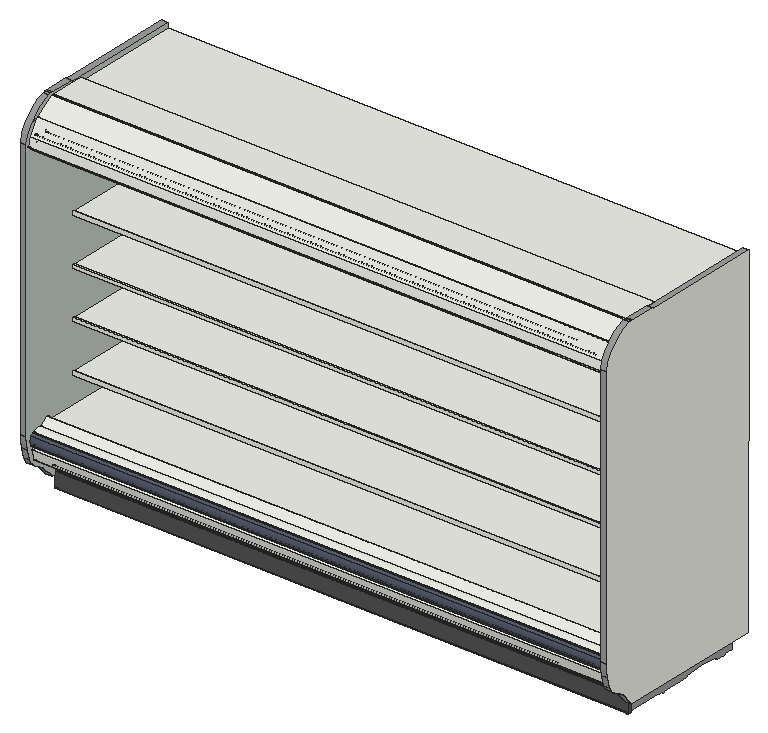
Revit family "ID6SV_2014", category Specialty Equipment, Revit 2014
Parameters (values of type "12'-0" Length")
  Width = 144 3/8"
  Waste Outlet Location = if(Width = 48 1/8", 24", if(Width = 72 1/4", 24", if(Width = 96 1/4", 24", if(Width = 144 3/8", 72", 0"))))  # 72"
  Waste Drain = 1 1/4"  # constant formula
  URL = "www.hussmann.com"
  Type Comments = ""
  Trim = Stainless Steel
  Total Weight = Case Weight + (2 * End Weight)  # 1900.00 lbf
  Top Clearance = 1 1/2"  # constant formula
  Supports = Width = 144 3/8"  # yes
  Splashguard = Textured Sheet Metal (Steel Painted) - 701 Black
  Side Panel - Right [instance] = yes
  Side Panel - Left [instance] = yes
  Shelves = Sheet Metal (Steel Painted) - 700 Interior White
  Shelf Lights [instance] = yes
  Shelf = yes
  Revit Family Date = "03/30/2016"  # constant formula
  Refrigeration Lines Suction = 7/8"  # constant formula
  Refrigeration Lines Liquid = 3/8"  # constant formula
  Refrig. Suction = "Suction"
  Refrig. Liquid = "Liquid"
  Number of Shelves = 5  # constant formula
  Note from Manufacturer = "This model only comes in 4'-0\", 6'-0\", 8'-0\", and 12'-0\" lengths."
  Model = "ID6SV"  # constant formula
  Manufacturer Disclaimer = "The information in this file is not intended to be an exact representation of the corresponding Hussmann product.  Further, we reserve the right to change or revise specifications and product design in connection with any feature of our products. Such changes do not entitle the buyer to corresponding changes, improvements, additions, or replacements for equipment previously sold or shipped."  # constant formula
  Manufacturer = "Hussmann Corporation"  # constant formula
  Height = 90 1/4"  # constant formula
  Ends = Textured Sheet Metal (Steel Painted) - 149 White Satin Matte
  End Weight = 100.00 lbf  # constant formula
  Description = ""
  Depth = 43 1/2"  # constant formula
  Clearance [instance] = no
  Center Support 1 = Width = 96 1/4"  # no
  Center Support 2 = Width = 72 1/4"  # no
  Case Weight = if(Width = 48 1/8", 900.00 lbf, if(Width = 72 1/4", 1100.00 lbf, if(Width = 96 1/4", 1300.00 lbf, if(Width = 144 3/8", 1700.00 lbf, 0.00 lbf))))  # 1700.00 lbf
  Case Interior - Side Panel = Mirror
  Case Interior - Back Panel = Sheet Metal (Steel Painted) - 700 Interior White
  Case = Textured Sheet Metal (Steel Painted) - 149 White Satin Matte
  Bumper = Extruded PVC - 739 Royal Blue
  Back Clearance = 1 1/2"  # constant formula
  Assembly Code = ""
  Accessories/Options = ""
Reference planes (in)
  plane 1 "Back": y = 0
  plane 2 "Bottom": z = 0
  plane 3 "Top": z = 90.25
  plane 4 "Left": x = -77.30699
  plane 5 "Front": y = -43.5
  plane 6 "Center (Left/Right)": x = -5.11949
  plane 7: y = 1.5
  plane 8: x = -78.80699
  plane 9 "Right": x = 67.06801
  plane 10: x = 68.56801
  plane 11: z = 24
  plane 12: z = 72
  plane 13: z = 91.75
Forms (in)
  Extrusion 1, solid, material "Metal - Copper"
    sketch origin (63.0625, 1.04319, 0) x (1, 0, 0) y (0, 1, 0)
      loop
        arc (-67.99449, -33.91819) -> (-68.43643, -34.10125) -> (-68.61949, -34.54319) r 0.625
        arc (-68.61949, -34.54319) -> (-68.43643, -34.98513) -> (-67.99449, -35.16819) r 0.625
        arc (-67.99449, -35.16819) -> (-67.55254, -34.98513) -> (-67.36949, -34.54319) r 0.625
        arc (-67.36949, -34.54319) -> (-67.55254, -34.10125) -> (-67.99449, -33.91819) r 0.625
      loop
        circle (-67.99449, -34.54319) r 0.5852
    from 5.80305 to 0
  Extrusion 2, solid, material "Metal - Copper"
    sketch origin (57.40105, 5, -0.375) x (1, 0, 0) y (0, 1, 0)
      loop
        circle (0.3627, -33.75) r 0.41359
      loop
        circle (0.3627, -33.75) r 0.4375
    from 6.32138 to 0.375
  Extrusion 3, solid, material "Metal - Copper"
    sketch origin (59.82608, 5, -0.375) x (1, 0, 0) y (0, 1, 0)
      loop
        circle (-1.43733, -33.75) r 0.17188
      loop
        circle (-1.43733, -33.75) r 0.1875
    from 6.32138 to 0.375
  Extrusion 4, solid, material "Sheet Metal (Steel Painted) - 700 Interior White" <- "Case Interior - Back Panel"
    sketch origin (-5.11949, -0.20443, 0) x (0, 1, 0) y (0, 0, 1)
      loop
        line (-31.71191, 83.04048) -> (-7.67037, 82.83067) -> (-7.67037, 15.76656)
        arc (-7.67037, 15.76656) -> (-7.59933, 15.69552) -> (-7.52828, 15.76656) r 0.07104
        line (-7.52828, 15.76656) -> (-7.52828, 17.11686) -> (-6.3108, 17.11686) -> (-6.3108, 83.18698) -> (-31.7087, 83.4086) -> (-31.71191, 83.04048)
    from 72.1875 to -72.1875
  Extrusion 5, solid, material "Textured Sheet Metal (Steel Painted) - 701 Black" <- "Splashguard"
    sketch origin (-5.11949, 0.08013, -0.40175) x (0, 1, 0) y (0, 0, 1)
      loop
        line (-35.47621, 4.45313) -> (-35.47621, 0.45082)
        arc (-35.47621, 0.45082) -> (-35.45124, 0.40758) -> (-35.40131, 0.40758) r 0.04993
        line (-35.40131, 0.40758) -> (-35.32642, 0.45082) -> (-35.12826, 0.45082)
        arc (-35.12826, 0.45082) -> (-35.04867, 0.40175) -> (-34.98788, 0.4728) r 0.07191
        line (-34.98788, 0.4728) -> (-34.98788, 4.73631)
        arc (-34.98788, 4.73631) -> (-35.01518, 4.78081) -> (-35.06722, 4.77665) r 0.04993
        line (-35.06722, 4.77665) -> (-35.45569, 4.49347)
        arc (-35.45569, 4.49347) -> (-35.47078, 4.47576) -> (-35.47621, 4.45313) r 0.04993
    from 72.1875 to -72.1875
  Extrusion 6, solid, material "Sheet Metal (Steel Painted) - 700 Interior White" <- "Case Interior - Back Panel"
    sketch origin (-5.11949, 0, -4.01455) x (0, 1, 0) y (0, 0, 1)
      loop
        line (-39.60569, 84.97396) -> (-39.60569, 86.19052) -> (-39.31902, 86.19052) -> (-39.31902, 86.11161) -> (-39.20516, 86.11161) -> (-39.20516, 85.8649) -> (-38.88653, 85.8649) -> (-38.88653, 86.11161) -> (-38.77266, 86.11161) -> (-38.77266, 86.19052) -> (-38.39695, 86.19052) -> (-38.39695, 85.72799) -> (-38.28465, 85.63885)
        arc (-38.28465, 85.63885) -> (-38.13409, 85.54906) -> (-37.9616, 85.5178) r 0.49162
        line (-37.9616, 85.5178) -> (-37.31298, 85.5178)
        arc (-37.31298, 85.5178) -> (-37.27966, 85.53161) -> (-37.26585, 85.56494) r 0.04713
        line (-37.26585, 85.56494) -> (-37.26585, 85.86566) -> (-32.0168, 85.86566) -> (-31.99085, 85.92864)
        arc (-31.99085, 85.92864) -> (-31.96123, 85.93781) -> (-31.94832, 85.96601) r 0.03798
        line (-31.94832, 85.96601) -> (-31.93883, 87.05291) -> (-31.93564, 87.41898) -> (-30.2128, 87.40395) -> (-30.2128, 89.11436) -> (-31.44825, 89.12525) -> (-31.44825, 90.6134) -> (-35.12709, 90.6134) -> (-35.12709, 89.78502)
        arc (-35.12709, 89.78502) -> (-35.1374, 89.73855) -> (-35.16637, 89.70078) r 0.10997
        line (-35.16637, 89.70078) -> (-35.82579, 89.14747) -> (-36.90776, 88.23958) -> (-38.12024, 87.22219)
        arc (-38.12024, 87.22219) -> (-38.13924, 87.20596) -> (-38.14633, 87.182) r 0.044
        line (-38.14633, 87.182) -> (-38.14633, 86.2195) -> (-41.7425, 86.2195)
        arc (-41.7425, 86.2195) -> (-41.77361, 86.20662) -> (-41.7865, 86.1755) r 0.044
        line (-41.7865, 86.1755) -> (-41.7865, 84.97103)
        arc (-41.7865, 84.97103) -> (-41.75742, 84.94195) -> (-41.72833, 84.97103) r 0.02909
        line (-41.72833, 84.97103) -> (-41.72833, 86.19052) -> (-40.78931, 86.19052) -> (-40.78931, 84.97396) -> (-39.60569, 84.97396)
    from 72.1875 to -72.1875
  Extrusion 7, solid, material "Sheet Metal (Steel Painted) - 700 Interior White" <- "Shelves"
    sketch origin (-5.11949, 0, 0.04749) x (0, 1, 0) y (0, 0, 1)
      loop
        arc (-38.07693, 16.4091) -> (-38.17164, 16.36987) -> (-38.21087, 16.27516) r 0.13394
        line (-38.21087, 16.27516) -> (-38.21087, 15.90128)
        arc (-38.21087, 15.90128) -> (-38.20601, 15.86552) -> (-38.19178, 15.83236) r 0.13394
        arc (-38.19178, 15.83236) -> (-38.14292, 15.78472) -> (-38.07693, 15.76733) r 0.13394
        line (-38.07693, 15.76733) -> (-37.98791, 15.76733) -> (-8.23002, 15.76733) -> (-8.14099, 15.76733)
        arc (-8.14099, 15.76733) -> (-8.075, 15.78472) -> (-8.02614, 15.83236) r 0.13394
        arc (-8.02614, 15.83236) -> (-8.01191, 15.86552) -> (-8.00705, 15.90128) r 0.13394
        line (-8.00705, 15.90128) -> (-8.00705, 16.27516)
        arc (-8.00705, 16.27516) -> (-8.04628, 16.36987) -> (-8.14099, 16.4091) r 0.13394
        line (-8.14099, 16.4091) -> (-38.07693, 16.4091)
    from -72.1875 to 72.1875
  Extrusion 8, solid, material "Textured Sheet Metal (Steel Painted) - 149 White Satin Matte" <- "Case"
    sketch origin (-5.11949, 0, 0) x (0, 1, 0) y (0, 0, 1)
      loop
        line (-43.34072, 82.59106) -> (-43.77645, 80.6272)
        arc (-43.77645, 80.6272) -> (-43.77544, 80.56891) -> (-43.74807, 80.51743) r 0.12485
        line (-43.74807, 80.51743) -> (-43.37142, 80.09174)
        arc (-43.37142, 80.09174) -> (-43.32919, 80.06064) -> (-43.27792, 80.04962) r 0.12485
        line (-43.27792, 80.04962) -> (-42.87619, 80.04962)
        arc (-42.87619, 80.04962) -> (-42.83083, 80.05815) -> (-42.79168, 80.08257) r 0.12485
        line (-42.79168, 80.08257) -> (-42.65526, 80.20801)
        arc (-42.65526, 80.20801) -> (-42.51084, 80.41239) -> (-42.46268, 80.65798) r 0.5981
        arc (-42.46268, 80.65798) -> (-42.50018, 80.82616) -> (-42.54498, 80.99255) r 3.95176
        arc (-42.54498, 80.99255) -> (-42.5552, 81.03543) -> (-42.53743, 81.07576) r 0.06909
        line (-42.53743, 81.07576) -> (-42.45677, 81.16414)
        arc (-42.45677, 81.16414) -> (-42.38528, 81.26645) -> (-42.34246, 81.38369) r 0.48189
        line (-42.34246, 81.38369) -> (-42.23415, 81.88557) -> (-42.1586, 82.15714)
        arc (-42.1586, 82.15714) -> (-42.12306, 82.24718) -> (-42.11091, 82.34322) r 0.38815
        line (-42.11091, 82.34322) -> (-42.11091, 82.62356)
        arc (-42.11091, 82.62356) -> (-42.0927, 82.66744) -> (-42.04881, 82.6856) r 0.0621
        line (-42.04881, 82.6856) -> (-41.79874, 82.6856)
        spline (-41.79874, 82.6856) -> (-41.79058, 82.68507) -> (-41.78256, 82.68348) -> (-41.77482, 82.68085) -> (-41.76749, 82.67723) -> (-41.76069, 82.67269) -> (-41.75455, 82.6673) -> (-41.74916, 82.66115) -> (-41.74461, 82.65436) -> (-41.741, 82.64702) -> (-41.73837, 82.63928) -> (-41.73678, 82.63126) -> (-41.73624, 82.62311)
        line (-41.73624, 82.62311) -> (-41.73624, 82.37397)
        spline (-41.73624, 82.37397) -> (-41.73571, 82.36582) -> (-41.73411, 82.3578) -> (-41.73149, 82.35007) -> (-41.72787, 82.34274) -> (-41.72333, 82.33594) -> (-41.71795, 82.3298) -> (-41.7118, 82.32441) -> (-41.70501, 82.31987) -> (-41.69768, 82.31626) -> (-41.68994, 82.31363) -> (-41.68193, 82.31204) -> (-41.67377, 82.31151)
        line (-41.67377, 82.31151) -> (-41.23683, 82.31151) -> (-41.23683, 82.68558) -> (-39.69526, 82.68558) -> (-39.0976, 82.68558)
        arc (-39.0976, 82.68558) -> (-39.00931, 82.64901) -> (-38.97274, 82.56073) r 0.12485
        line (-38.97274, 82.56073) -> (-38.97274, 82.34422)
        arc (-38.97274, 82.34422) -> (-38.9354, 82.2567) -> (-38.84789, 82.22045) r 0.12376
        line (-38.84789, 82.22045) -> (-38.28587, 82.21936)
        arc (-38.28587, 82.21936) -> (-38.19751, 82.25596) -> (-38.16091, 82.34432) r 0.12496
        line (-38.16091, 82.34432) -> (-38.16091, 83.11961)
        arc (-38.16091, 83.11961) -> (-38.14921, 83.17242) -> (-38.11628, 83.21533) r 0.12496
        line (-38.11628, 83.21533) -> (-35.83033, 85.13347) -> (-35.12709, 85.72356) -> (-35.12709, 86.60322) -> (-31.44825, 86.60322) -> (-31.44825, 85.11507) -> (-30.2128, 85.10417) -> (-30.2128, 83.39375) -> (-6.51523, 83.18698) -> (-6.51523, 16.99748) -> (-7.05757, 16.99748)
        arc (-7.05757, 16.99748) -> (-7.36201, 16.89407) -> (-7.54049, 16.62663) r 0.49985
        arc (-7.54049, 16.62663) -> (-7.59605, 16.21712) -> (-7.69059, 15.81482) r 4.30905
        line (-7.69059, 15.81482) -> (-37.98831, 15.81482) -> (-38.07733, 15.81482)
        arc (-38.07733, 15.81482) -> (-38.14333, 15.83221) -> (-38.19219, 15.87985) r 0.13394
        arc (-38.19219, 15.87985) -> (-38.20642, 15.91301) -> (-38.21128, 15.94877) r 0.13394
        line (-38.21128, 15.94877) -> (-38.21128, 16.32265)
        arc (-38.21128, 16.32265) -> (-38.17205, 16.41736) -> (-38.07733, 16.4566) r 0.13394
        line (-38.07733, 16.4566) -> (-37.73809, 16.4566) -> (-37.73809, 17.28464)
        arc (-37.73809, 17.28464) -> (-37.85437, 17.47966) -> (-38.08123, 17.47008) r 0.22168
        line (-38.08123, 17.47008) -> (-40.17327, 16.09989) -> (-40.17327, 16.18926)
        arc (-40.17327, 16.18926) -> (-40.18596, 16.22251) -> (-40.21757, 16.23887) r 0.04993
        arc (-40.21757, 16.23887) -> (-41.22725, 16.18749) -> (-42.16733, 15.81558) r 3.11611
        arc (-42.16733, 15.81558) -> (-42.20707, 15.78093) -> (-42.19798, 15.72899) r 0.05368
        line (-42.19798, 15.72899) -> (-41.97585, 15.29579) -> (-41.97738, 13.07167) -> (-42.37771, 12.61536)
        arc (-42.37771, 12.61536) -> (-42.33491, 12.61109) -> (-42.29697, 12.63135) r 0.07398
        line (-42.29697, 12.63135) -> (-42.21783, 12.71049)
        spline (-42.21783, 12.71049) -> (-42.20844, 12.71819) -> (-42.19773, 12.72392) -> (-42.1861, 12.72745) -> (-42.17401, 12.72864) -> (-42.16192, 12.72745) -> (-42.15029, 12.72392) -> (-42.13957, 12.71819) -> (-42.13018, 12.71048) -> (-42.12247, 12.70109) -> (-42.11675, 12.69037) -> (-42.11322, 12.67875) -> (-42.11203, 12.66665)
        line (-42.11203, 12.66665) -> (-42.11203, 12.06725)
        spline (-42.11203, 12.06725) -> (-42.11242, 12.06235) -> (-42.11358, 12.05757) -> (-42.11547, 12.05303) -> (-42.11806, 12.04886) -> (-42.12128, 12.04514) -> (-42.12505, 12.04198) -> (-42.12926, 12.03946) -> (-42.13382, 12.03763) -> (-42.13862, 12.03655) -> (-42.14352, 12.03624) -> (-42.14841, 12.03671) -> (-42.15316, 12.03794)
        line (-42.15316, 12.03794) -> (-42.15316, 12.42433)
        arc (-42.15316, 12.42433) -> (-42.18551, 12.47106) -> (-42.24065, 12.45726) r 0.04994
        line (-42.24065, 12.45726) -> (-42.71368, 11.91809)
        arc (-42.71368, 11.91809) -> (-42.72479, 11.89645) -> (-42.72437, 11.87212) r 0.04998
        line (-42.72437, 11.87212) -> (-42.05911, 9.40237)
        arc (-42.05911, 9.40237) -> (-42.02993, 9.34452) -> (-41.9802, 9.30298) r 0.15995
        line (-41.9802, 9.30298) -> (-36.14109, 6.1751) -> (-36.03057, 6.38142) -> (-34.95086, 5.80305) -> (-30.12012, 5.80305) -> (-29.92184, 5.94638) -> (-8.48958, 5.94638) -> (0, 10.45657) -> (0, 88.15903) -> (-27.35216, 88.15903) -> (-27.35216, 89.18015) -> (-35.96921, 89.18015) -> (-36.31711, 89.18015)
        arc (-36.31711, 89.18015) -> (-36.46127, 89.15891) -> (-36.59319, 89.09701) r 0.5
        line (-36.59319, 89.09701) -> (-40.99211, 86.18371)
        arc (-40.99211, 86.18371) -> (-41.08816, 86.16837) -> (-41.16067, 86.10352) r 0.17261
        line (-41.16067, 86.10352) -> (-43.34072, 82.59106)
    from -72.1875 to 72.1875
  Extrusion 9, solid, material "Textured Sheet Metal (Steel Painted) - 149 White Satin Matte" <- "Ends", visible <- "Side Panel - Right"
    sketch origin (67.06801, 0, 0) x (0, 0, 1) y (0, -1, 0)
      loop
        line (89.44978, 35.92401) -> (89.44978, 36.47299)
        arc (89.44978, 36.47299) -> (89.43365, 36.78734) -> (89.38543, 37.09838) r 3.071
        arc (89.38543, 37.09838) -> (86.33647, 41.80176) -> (81.3328, 44.32788) r 10.73758
        line (81.3328, 44.32788) -> (15.50023, 44.32788)
        arc (15.50023, 44.32788) -> (13.82433, 44.19402) -> (12.19094, 43.79583) r 10.55776
        line (12.19094, 43.79583) -> (9.72146, 43.14754)
        arc (9.72146, 43.14754) -> (8.62924, 42.59672) -> (7.84517, 41.65778) r 3.01946
        line (7.84517, 41.65778) -> (6.91917, 39.92914)
        arc (6.91917, 39.92914) -> (6.66223, 39.53451) -> (6.34199, 39.18926) r 2.76188
        line (6.34199, 39.18926) -> (3.10795, 36.25052) -> (3.23572, 36.10991) -> (3.1054, 35.99149) -> (3.1054, -0.25613) -> (89.25855, -0.25613) -> (89.25855, 29.88509) -> (89.44978, 29.88509) -> (89.44978, 35.92401)
    from 0 to 1.5
  Extrusion 10, solid, material "Textured Sheet Metal (Steel Painted) - 149 White Satin Matte" <- "Ends", visible <- "Side Panel - Left"
    sketch origin (-77.30699, 0, 0) x (0, 0, 1) y (0, 1, 0)
      loop
        line (89.44978, -35.92401) -> (89.44978, -29.88509) -> (89.25855, -29.88509) -> (89.25855, 0.25613) -> (3.1054, 0.25613) -> (3.1054, -35.99149) -> (3.23572, -36.10991) -> (3.10795, -36.25052) -> (6.34199, -39.18926)
        arc (6.34199, -39.18926) -> (6.66223, -39.53451) -> (6.91917, -39.92914) r 2.76188
        line (6.91917, -39.92914) -> (7.84517, -41.65778)
        arc (7.84517, -41.65778) -> (8.62924, -42.59672) -> (9.72146, -43.14754) r 3.01946
        line (9.72146, -43.14754) -> (12.19094, -43.79583)
        arc (12.19094, -43.79583) -> (13.82433, -44.19402) -> (15.50023, -44.32788) r 10.55776
        line (15.50023, -44.32788) -> (81.3328, -44.32788)
        arc (81.3328, -44.32788) -> (86.33647, -41.80176) -> (89.38543, -37.09838) r 10.73758
        arc (89.38543, -37.09838) -> (89.43365, -36.78734) -> (89.44978, -36.47299) r 3.071
        line (89.44978, -36.47299) -> (89.44978, -35.92401)
    from 0 to 1.5
  Extrusion 11, solid, material "Extruded PVC - 739 Royal Blue" <- "Bumper"
    sketch origin (-5.11949, -0.20443, 0) x (0, 1, 0) y (0, 0, 1)
      loop
        arc (-41.99462, 15.73109) -> (-42.23913, 15.70987) -> (-42.47293, 15.63521) r 1.10523
        arc (-42.47293, 15.63521) -> (-42.75805, 15.44126) -> (-42.95829, 15.16051) r 0.97939
        arc (-42.95829, 15.16051) -> (-43.18462, 14.15442) -> (-42.95829, 13.14832) r 2.34928
        arc (-42.95829, 13.14832) -> (-42.75767, 12.86712) -> (-42.47196, 12.67297) r 0.98023
        arc (-42.47196, 12.67297) -> (-42.35179, 12.62752) -> (-42.22715, 12.59632) r 1.10523
        arc (-42.22715, 12.59632) -> (-42.20716, 12.59515) -> (-42.18752, 12.59912) r 0.07798
        line (-42.18752, 12.59912) -> (-41.77294, 13.07167) -> (-41.77142, 15.29579) -> (-41.99462, 15.73109)
    from -72.1875 to 72.1875
  Extrusion 12, solid, material "Textured Sheet Metal (Steel Painted) - 149 White Satin Matte" <- "Case"
    sketch origin (-5.11949, -0.20443, 0) x (0, 1, 0) y (0, 0, 1)
      loop
        arc (-35.72986, 5.52568) -> (-35.72317, 5.50071) -> (-35.7049, 5.48244) r 0.04993
        line (-35.7049, 5.48244) -> (-34.70332, 4.90418) -> (-34.70332, 2.56345) -> (-34.66837, 2.56345) -> (-34.66837, 4.89553)
        arc (-34.66837, 4.89553) -> (-34.67506, 4.9205) -> (-34.69334, 4.93877) r 0.04993
        line (-34.69334, 4.93877) -> (-35.69491, 5.51703) -> (-35.69491, 6.1829) -> (-35.72986, 6.1829) -> (-35.72986, 5.52568)
    from -72.1875 to 72.1875
Lines and regions (in)
  reference lines
    curve 1: line (-4.93199, -43.5, 0) -> (-4.93199, 0, 0)
    curve 2: line (58.20125, -43.5, 0) -> (58.20125, 0, 0)
    curve 3: line (-77.30699, -33.5, 0) -> (67.06801, -33.5, 0)
    curve 4: line (67.06801, -28.75, 0) -> (-77.30699, -28.75, 0)
  symbolic lines, style "Clearance", visible <- "Clearance"
    curve 5: line (-77.30699, 0, 0) -> (-77.30699, 1.5, 0)
    curve 6: line (-77.30699, 1.5, 0) -> (67.06801, 1.5, 0)
    curve 7: line (67.06801, 1.5, 0) -> (67.06801, 0, 0)
    curve 8: line (-5.11949, 0, 90.25) -> (-5.11949, 0, 91.75)
    curve 9: line (-5.11949, 0, 91.75) -> (-5.11949, -43.77941, 91.75)
    curve 10: line (-5.11949, -43.77941, 91.75) -> (-5.11949, -43.77941, 80.61384)
    curve 11: line (-77.30699, 0, 91.75) -> (67.06801, 0, 91.75)
    curve 12: line (67.06801, 0, 91.75) -> (67.06801, 0, 90.33292)
    curve 13: line (-5.11949, 0, 90.25) -> (-5.11949, 1.5, 90.25)
    curve 14: line (-5.11949, 1.5, 90.25) -> (-5.11949, 1.5, 0)
    curve 15: line (-77.30699, 0, 91.75) -> (-77.30699, 0, 90.33292)
    curve 16: line (-5.11949, 0, 0) -> (-5.11949, 1.5, 0)
Dimensions and locks (in)
  equal spacing: plane 4 "Left", plane 6 "Center (Left/Right)", plane 9 "Right"
  locked: plane 8 to plane 4 "Left" at 1.5
  "Width": plane 4 "Left" to plane 9 "Right"
  "Waste Outlet Location": curve 1 to plane 9 "Right"
  "Depth": plane 5 "Front" to plane 1 "Back"
  "Back Clearance": plane 1 "Back" to plane 7
  locked: curve 2 to plane 9 "Right" at 8.86676
  "Height": plane 3 "Top" to level
  locked: plane 1 "Back" to curve 3 at 33.5
  locked: plane 1 "Back" to curve 4 at 28.75
  locked: plane 9 "Right" to plane 10 at 1.5
  locked: plane 11 to level at 24
  locked: plane 12 to level at 72
  "Top Clearance": plane 13 to plane 3 "Top"
  locked: Extrusion 1 sketch curve to Extrusion 1 sketch curve at 0.0398
  locked: Extrusion 3 sketch curve to Extrusion 3 sketch curve at 0.01562
  locked: Extrusion 2 sketch curve to Extrusion 2 sketch curve at 0.02391
  nested 2 to plane 6 "Center (Left/Right)" to nested 1 = 24" locked, 24" locked
  equal spacing: group 1, group 3, group 4, group 5, group 2  (x3)
  "Waste Drain": diameter of Extrusion 1 sketch curve
  "Refrigeration Lines Liquid": diameter of Extrusion 3 sketch curve
  "Refrigeration Lines Suction": diameter of Extrusion 2 sketch curve
  aligned and locked: plane 5 "Front" to curve 1
  aligned and locked: plane 4 "Left" to curve 3
  aligned and locked: plane 4 "Left" to curve 4
  aligned and locked: plane 9 "Right" to curve 4
  aligned and locked: plane 9 "Right" to curve 3
  aligned and locked: Extrusion 2 to level
  aligned and locked: Extrusion 3 to level
  aligned and locked: curve 4 to Extrusion 3 sketch curve  (x4)
  aligned and locked: curve 4 to Extrusion 2 sketch curve  (x4)
  aligned and locked: curve 3 to Extrusion 1 sketch curve  (x3)
  aligned and locked: curve 1 to Extrusion 1 sketch curve
  aligned and locked: curve 2 to Extrusion 3 sketch curve
  aligned and locked: curve 2 to Extrusion 2 sketch curve
  aligned and locked: plane 9 "Right" to nested 4
  aligned and locked: nested 4 to plane 1 "Back"
  aligned and locked: plane 4 "Left" to nested 3
  aligned and locked: plane 1 "Back" to nested 3
  aligned and locked: plane 1 "Back" to nested 2
  aligned and locked: plane 1 "Back" to nested 1
  aligned and locked: plane 11 to nested 5
  aligned and locked: plane 12 to nested 6
  aligned and locked: Extrusion 4 to plane 4 "Left"
  aligned and locked: plane 9 "Right" to Extrusion 4
  aligned and locked: Extrusion 5 to plane 4 "Left"
  aligned and locked: plane 9 "Right" to Extrusion 5
  aligned and locked: Extrusion 6 to plane 4 "Left"
  aligned and locked: plane 9 "Right" to Extrusion 6
  aligned and locked: curve 7 to plane 9 "Right"
  aligned and locked: curve 6 to plane 7
  aligned and locked: plane 4 "Left" to curve 5
  aligned and locked: curve 9 to plane 13
  aligned and locked: curve 8 to plane 1 "Back"
  aligned and locked: plane 6 "Center (Left/Right)" to nested 9
  aligned and locked: plane 4 "Left" to nested 10
  aligned and locked: plane 4 "Left" to nested 11
  aligned and locked: plane 4 "Left" to nested 12
  aligned and locked: plane 4 "Left" to nested 13
  aligned and locked: plane 4 "Left" to nested 14
  aligned and locked: Extrusion 7 to plane 4 "Left"
  aligned and locked: plane 9 "Right" to Extrusion 7
  aligned and locked: Extrusion 8 to plane 4 "Left"
  aligned and locked: plane 9 "Right" to Extrusion 8
  aligned and locked: plane 6 "Center (Left/Right)" to nested 15
  aligned and locked: plane 13 to curve 11
  aligned and locked: curve 12 to plane 9 "Right"
  aligned and locked: curve 14 to plane 7
  aligned and locked: plane 8 to Extrusion 10
  aligned and locked: Extrusion 11 to plane 4 "Left"
  aligned and locked: plane 9 "Right" to Extrusion 11
  aligned and locked: plane 4 "Left" to Extrusion 10
  aligned and locked: Extrusion 9 to plane 9 "Right"
  aligned and locked: Extrusion 2 to Extrusion 8
  aligned and locked: Extrusion 2 to Extrusion 3
  aligned and locked: plane 3 "Top" to curve 13
  aligned and locked: Extrusion 12 to plane 4 "Left"
  aligned and locked: plane 9 "Right" to Extrusion 12
  aligned and locked: plane 4 "Left" to nested 17
  aligned and locked: curve 16 to level
Automatic sketch dimensions
  plane 1 "Back" to curve 5 = 0"
  plane 1 "Back" to curve 7 = 0"
  plane 5 "Front" to Extrusion 4 sketch curve = 11.58366"
  Extrusion 4 sketch curve to Extrusion 4 sketch curve = 0.00321"
  plane 5 "Front" to Extrusion 6 sketch curve = 1.7135"
  Extrusion 6 sketch curve to Extrusion 6 sketch curve = 0.02909"
  Extrusion 6 sketch curve to Extrusion 6 sketch curve = 0.01417"
  Extrusion 6 sketch curve to Extrusion 6 sketch curve = 0.93902"
  Extrusion 6 sketch curve to Extrusion 6 sketch curve = 1.18362"
  Extrusion 6 sketch curve to Extrusion 6 sketch curve = 0.28667"
  Extrusion 6 sketch curve to Extrusion 6 sketch curve = 0.11387"  (x2)
  Extrusion 6 sketch curve to Extrusion 6 sketch curve = 0.31863"
  Extrusion 6 sketch curve to Extrusion 6 sketch curve = 0.48958"
  Extrusion 6 sketch curve to Extrusion 6 sketch curve = 0.1123"
  Extrusion 6 sketch curve to Extrusion 6 sketch curve = 0.25062"
  Extrusion 6 sketch curve to Extrusion 6 sketch curve = 0.044"
  Extrusion 6 sketch curve to Extrusion 6 sketch curve = 0.18473"
  Extrusion 6 sketch curve to Extrusion 6 sketch curve = 0.64862"
  Extrusion 6 sketch curve to Extrusion 6 sketch curve = 0.04713"
  Extrusion 6 sketch curve to Extrusion 6 sketch curve = 0.02595"
  Extrusion 6 sketch curve to Extrusion 6 sketch curve = 0.00456"
  Extrusion 6 sketch curve to Extrusion 6 sketch curve = 0.03798"
  Extrusion 6 sketch curve to Extrusion 6 sketch curve = 0.00949"
  Extrusion 6 sketch curve to Extrusion 6 sketch curve = 0.00319"
  Extrusion 6 sketch curve to Extrusion 6 sketch curve = 0.48739"
  Extrusion 6 sketch curve to Extrusion 6 sketch curve = 0.30073"
  Extrusion 6 sketch curve to Extrusion 6 sketch curve = 0.13692"
  Extrusion 6 sketch curve to Extrusion 6 sketch curve = 0.24671"  (x2)
  Extrusion 6 sketch curve to Extrusion 6 sketch curve = 1.20447"
  Extrusion 6 sketch curve to Extrusion 6 sketch curve = 0.07891"  (x2)
  Extrusion 6 sketch curve to Extrusion 6 sketch curve = 0.01502"
  Extrusion 6 sketch curve to Extrusion 6 sketch curve = 0.01089"
  Extrusion 6 sketch curve to Extrusion 6 sketch curve = 1.48815"
  Extrusion 6 sketch curve to Extrusion 6 sketch curve = 0.9625"
  Extrusion 6 sketch curve to Extrusion 6 sketch curve = 0.02609"
  Extrusion 6 sketch curve to Extrusion 6 sketch curve = 3.67884"
  Extrusion 6 sketch curve to Extrusion 6 sketch curve = 1.21248"
  Extrusion 6 sketch curve to Extrusion 6 sketch curve = 1.01739"
  plane 1 "Back" to Extrusion 4 sketch curve = 7.8748"
  Extrusion 4 sketch curve to Extrusion 4 sketch curve = 1.35957"
  Extrusion 6 sketch curve to Extrusion 6 sketch curve = 1.23545"
  Extrusion 6 sketch curve to Extrusion 6 sketch curve = 2.37382"
  Extrusion 6 sketch curve to Extrusion 6 sketch curve = 1.70627"
  Extrusion 6 sketch curve to Extrusion 6 sketch curve = 0.36607"
  Extrusion 6 sketch curve to Extrusion 6 sketch curve = 0.02898"
  Extrusion 6 sketch curve to Extrusion 6 sketch curve = 0.21008"
  Extrusion 6 sketch curve to Extrusion 6 sketch curve = 1.08657"
  Extrusion 6 sketch curve to Extrusion 6 sketch curve = 0.00033"
  Extrusion 6 sketch curve to Extrusion 6 sketch curve = 0.06297"
  plane 5 "Front" to Extrusion 7 sketch curve = 5.28913"
  Extrusion 7 sketch curve to Extrusion 7 sketch curve = 0.13394"  (x5)
  Extrusion 7 sketch curve to Extrusion 7 sketch curve = 0"  (x3)
  Extrusion 7 sketch curve to Extrusion 7 sketch curve = 0.08902"  (x2)
  plane 1 "Back" to Extrusion 7 sketch curve = 8.23002"
  Extrusion 7 sketch curve to Extrusion 7 sketch curve = 0.37388"
  Extrusion 7 sketch curve to Extrusion 7 sketch curve = 0.01909"  (x2)
  Extrusion 4 sketch curve to Extrusion 4 sketch curve = 0.07104"
  Extrusion 4 sketch curve to Extrusion 4 sketch curve = 1.35029"
  plane 3 "Top" to Extrusion 6 sketch curve = 4.56377"
  Extrusion 6 sketch curve to Extrusion 6 sketch curve = 0.08424"
  Extrusion 6 sketch curve to Extrusion 6 sketch curve = 0.07068"
  Extrusion 6 sketch curve to Extrusion 6 sketch curve = 1.08197"
  Extrusion 6 sketch curve to Extrusion 6 sketch curve = 0.58873"
  Extrusion 6 sketch curve to Extrusion 6 sketch curve = 0.55331"
  Extrusion 6 sketch curve to Extrusion 6 sketch curve = 1.71041"
  Extrusion 4 sketch curve to plane 11 = 6.88314"
  Extrusion 7 sketch curve to plane 11 = 8.18518"
  plane 3 "Top" to Extrusion 4 sketch curve = 7.41933"
  plane 3 "Top" to Extrusion 4 sketch curve = 7.20952"
  Extrusion 6 sketch curve to Extrusion 6 sketch curve = 0.65977"
  Extrusion 6 sketch curve to Extrusion 6 sketch curve = 0.00293"
  Extrusion 4 sketch curve to Extrusion 4 sketch curve = 0.35632"
  curve 15 to plane 4 "Left" = 0"
  curve 15 to plane 3 "Top" = 0.08292"
  curve 12 to plane 3 "Top" = 0.08292"
  level to Extrusion 5 sketch curve = 4.05137"
  plane 5 "Front" to Extrusion 5 sketch curve = 8.10392"
  level to Extrusion 5 sketch curve = 4.09172"
  Extrusion 5 sketch curve to Extrusion 5 sketch curve = 0.02052"
  Extrusion 5 sketch curve to Extrusion 5 sketch curve = 0.04993"
  level to Extrusion 5 sketch curve = 0.00582"
  Extrusion 5 sketch curve to Extrusion 5 sketch curve = 0.02497"
  level to Extrusion 5 sketch curve = 0.04906"
  Extrusion 5 sketch curve to Extrusion 5 sketch curve = 0.0749"
  Extrusion 5 sketch curve to Extrusion 5 sketch curve = 0.19816"
  Extrusion 5 sketch curve to Extrusion 5 sketch curve = 0.38847"
  Extrusion 5 sketch curve to Extrusion 5 sketch curve = 0.06847"
  Extrusion 5 sketch curve to Extrusion 5 sketch curve = 0.02941"
  level to Extrusion 5 sketch curve = 0.07104"
  Extrusion 5 sketch curve to Extrusion 5 sketch curve = 0.28318"
  Extrusion 8 sketch curve to plane 1 "Back" = 0"
  plane 3 "Top" to Extrusion 8 sketch curve = 7.06302"
  plane 1 "Back" to Extrusion 8 sketch curve = 6.51523"
  Extrusion 8 sketch curve to Extrusion 8 sketch curve = 0.54234"
  Extrusion 8 sketch curve to Extrusion 8 sketch curve = 0.63302"
  plane 1 "Back" to Extrusion 8 sketch curve = 8.48958"
  Extrusion 8 sketch curve to Extrusion 8 sketch curve = 4.14269"
  plane 13 to Extrusion 8 sketch curve = 3.59097"
  plane 5 "Front" to Extrusion 8 sketch curve = 16.14784"
  level to Extrusion 8 sketch curve = 5.94638"
  plane 5 "Front" to Extrusion 8 sketch curve = 13.57816"
  Extrusion 8 sketch curve to Extrusion 8 sketch curve = 0.19828"
  plane 3 "Top" to Extrusion 8 sketch curve = 6.85625"
  Extrusion 8 sketch curve to Extrusion 8 sketch curve = 2.86064"
  plane 3 "Top" to Extrusion 8 sketch curve = 3.64678"
  Extrusion 8 sketch curve to Extrusion 8 sketch curve = 1.23545"
  Extrusion 8 sketch curve to Extrusion 8 sketch curve = 4.83074"
  Extrusion 8 sketch curve to Extrusion 8 sketch curve = 3.67884"
  plane 3 "Top" to Extrusion 8 sketch curve = 5.11653"
  Extrusion 8 sketch curve to Extrusion 8 sketch curve = 0.70323"
  Extrusion 8 sketch curve to Extrusion 8 sketch curve = 0.84212"
  Extrusion 8 sketch curve to Extrusion 8 sketch curve = 1.07971"
  Extrusion 8 sketch curve to Extrusion 8 sketch curve = 0.11053"
  Extrusion 8 sketch curve to Extrusion 8 sketch curve = 0.34789"
  plane 13 to Extrusion 8 sketch curve = 2.65299"
  Extrusion 8 sketch curve to Extrusion 8 sketch curve = 0.27608"
  plane 5 "Front" to Extrusion 8 sketch curve = 5.76191"
  Extrusion 8 sketch curve to Extrusion 8 sketch curve = 0.22168"
  Extrusion 8 sketch curve to Extrusion 8 sketch curve = 0.25022"
  Extrusion 8 sketch curve to Extrusion 8 sketch curve = 2.20562"
  Extrusion 8 sketch curve to Extrusion 8 sketch curve = 0.08902"
  Extrusion 8 sketch curve to Extrusion 8 sketch curve = 0.33925"
  Extrusion 8 sketch curve to Extrusion 8 sketch curve = 0"  (x8)
  Extrusion 8 sketch curve to Extrusion 8 sketch curve = 0.12146"
  Extrusion 8 sketch curve to Extrusion 8 sketch curve = 0.08032"
  Extrusion 8 sketch curve to Extrusion 8 sketch curve = 0.04464"
  Extrusion 8 sketch curve to Extrusion 8 sketch curve = 0.13394"  (x2)
  Extrusion 8 sketch curve to Extrusion 8 sketch curve = 0.12496"
  Extrusion 8 sketch curve to Extrusion 8 sketch curve = 0.56201"
  Extrusion 8 sketch curve to Extrusion 8 sketch curve = 0.12485"  (x2)
  Extrusion 8 sketch curve to Extrusion 8 sketch curve = 153/256"
  Extrusion 8 sketch curve to Extrusion 8 sketch curve = 1.96199"
  Extrusion 8 sketch curve to Extrusion 8 sketch curve = 0.04993"
  plane 5 "Front" to Extrusion 8 sketch curve = 2.93385"
  plane 3 "Top" to Extrusion 8 sketch curve = 4.06629"
  plane 5 "Front" to Extrusion 8 sketch curve = 2.50789"
  Extrusion 8 sketch curve to Extrusion 8 sketch curve = 0.0219"
  plane 3 "Top" to Extrusion 8 sketch curve = 4.14648"
  Extrusion 8 sketch curve to Extrusion 8 sketch curve = 0.14666"
  Extrusion 8 sketch curve to Extrusion 8 sketch curve = 1.54157"
  Extrusion 8 sketch curve to Extrusion 8 sketch curve = 0.43695"
  Extrusion 8 sketch curve to Extrusion 8 sketch curve = 0.06247"  (x2)
  Extrusion 8 sketch curve to Extrusion 8 sketch curve = 1/16"  (x3)
  plane 5 "Front" to Extrusion 8 sketch curve = 1.59533"
  plane 5 "Front" to Extrusion 8 sketch curve = 1.52415"
  Extrusion 8 sketch curve to Extrusion 8 sketch curve = 1.41122"
  Extrusion 8 sketch curve to Extrusion 8 sketch curve = 0.07553"
  Extrusion 8 sketch curve to Extrusion 8 sketch curve = 0.25007"
  Extrusion 8 sketch curve to Extrusion 8 sketch curve = 0.07892"
  Extrusion 8 sketch curve to Extrusion 8 sketch curve = 0.0621"
  Extrusion 8 sketch curve to Extrusion 8 sketch curve = 0.13465"
  Extrusion 8 sketch curve to Extrusion 8 sketch curve = 0.04114"
  Extrusion 8 sketch curve to Extrusion 8 sketch curve = 0.18061"
  Extrusion 8 sketch curve to Extrusion 8 sketch curve = 0.04769"
  Extrusion 8 sketch curve to Extrusion 8 sketch curve = 0.04151"
  Extrusion 8 sketch curve to Extrusion 8 sketch curve = 0.04994"
  Extrusion 8 sketch curve to Extrusion 8 sketch curve = 0.10581"
  Extrusion 8 sketch curve to Extrusion 8 sketch curve = 0.07555"
  Extrusion 8 sketch curve to Extrusion 8 sketch curve = 0.03754"
  Extrusion 8 sketch curve to Extrusion 8 sketch curve = 0.07914"
  Extrusion 8 sketch curve to Extrusion 8 sketch curve = 0.1083"
  Extrusion 8 sketch curve to Extrusion 8 sketch curve = 0.05231"
  Extrusion 8 sketch curve to Extrusion 8 sketch curve = 0.02843"
  Extrusion 8 sketch curve to Extrusion 8 sketch curve = 0.11431"
  Extrusion 8 sketch curve to Extrusion 8 sketch curve = 0.02963"
  Extrusion 8 sketch curve to Extrusion 8 sketch curve = 0.38815"
  Extrusion 8 sketch curve to Extrusion 8 sketch curve = 0.05103"
  Extrusion 8 sketch curve to Extrusion 8 sketch curve = 0.16886"
  Extrusion 8 sketch curve to Extrusion 8 sketch curve = 0.52294"
  Extrusion 8 sketch curve to Extrusion 8 sketch curve = 0.03757"
  Extrusion 8 sketch curve to Extrusion 8 sketch curve = 0.01069"
  Extrusion 8 sketch curve to Extrusion 8 sketch curve = 0.13642"
  Extrusion 8 sketch curve to Extrusion 8 sketch curve = 0.47025"
  Extrusion 8 sketch curve to Extrusion 8 sketch curve = 0.08451"
  plane 5 "Front" to Extrusion 8 sketch curve = 0.43931"
  plane 5 "Front" to Extrusion 8 sketch curve = 0.22208"
  plane 5 "Front" to Extrusion 8 sketch curve = 0.15928"
  Extrusion 8 sketch curve to Extrusion 8 sketch curve = 0.0935"  (x2)
  Extrusion 8 sketch curve to plane 5 "Front" = 0.15456"
  Extrusion 8 sketch curve to Extrusion 8 sketch curve = 0.02838"
  Extrusion 8 sketch curve to Extrusion 8 sketch curve = 2.5895"
  Extrusion 8 sketch curve to Extrusion 8 sketch curve = 0.14333"
  Extrusion 8 sketch curve to Extrusion 8 sketch curve = 0.37205"
  Extrusion 8 sketch curve to Extrusion 8 sketch curve = 0.09939"
  Extrusion 8 sketch curve to Extrusion 8 sketch curve = 4.51019"
  Extrusion 8 sketch curve to Extrusion 8 sketch curve = 2.46975"
  Extrusion 8 sketch curve to Extrusion 8 sketch curve = 0.013"
  Extrusion 8 sketch curve to Extrusion 8 sketch curve = 0.15282"
  Extrusion 8 sketch curve to Extrusion 8 sketch curve = 0.0293"
  Extrusion 8 sketch curve to Extrusion 8 sketch curve = 0.35708"
  Extrusion 8 sketch curve to Extrusion 8 sketch curve = 0.1581"
  Extrusion 8 sketch curve to Extrusion 8 sketch curve = 0.01599"
  Extrusion 8 sketch curve to Extrusion 8 sketch curve = 0.03531"
  Extrusion 8 sketch curve to Extrusion 8 sketch curve = 0.04383"
  Extrusion 8 sketch curve to Extrusion 8 sketch curve = 0.40501"
  Extrusion 8 sketch curve to Extrusion 8 sketch curve = 0.07065"
  Extrusion 8 sketch curve to Extrusion 8 sketch curve = 2.22412"
  Extrusion 8 sketch curve to Extrusion 8 sketch curve = 0.4332"
  Extrusion 8 sketch curve to Extrusion 8 sketch curve = 0.03403"
  Extrusion 8 sketch curve to Extrusion 8 sketch curve = 2.6725"
  Extrusion 8 sketch curve to Extrusion 8 sketch curve = 0.15112"
  Extrusion 8 sketch curve to Extrusion 8 sketch curve = 0.08937"
  Extrusion 8 sketch curve to Extrusion 8 sketch curve = 0.37389"
  Extrusion 8 sketch curve to Extrusion 8 sketch curve = 0.68281"
  Extrusion 8 sketch curve to Extrusion 8 sketch curve = 0.49985"
  Extrusion 8 sketch curve to Extrusion 8 sketch curve = 1.18577"
  Extrusion 8 sketch curve to Extrusion 8 sketch curve = 0.82804"
  plane 3 "Top" to Extrusion 8 sketch curve = 10.36771"
  Extrusion 8 sketch curve to Extrusion 8 sketch curve = 0.16733"
  Extrusion 8 sketch curve to Extrusion 8 sketch curve = 0.03295"
  Extrusion 8 sketch curve to Extrusion 8 sketch curve = 0.04212"
  Extrusion 8 sketch curve to Extrusion 8 sketch curve = 0.12544"
  Extrusion 8 sketch curve to Extrusion 8 sketch curve = 0.42569"
  Extrusion 8 sketch curve to Extrusion 8 sketch curve = 0.08273"
  Extrusion 8 sketch curve to Extrusion 8 sketch curve = 0.47325"
  Extrusion 8 sketch curve to Extrusion 8 sketch curve = 0.38146"
  Extrusion 8 sketch curve to Extrusion 8 sketch curve = 0.04657"
  Extrusion 8 sketch curve to Extrusion 8 sketch curve = 0.08838"
  Extrusion 8 sketch curve to Extrusion 8 sketch curve = 0.21955"
  Extrusion 8 sketch curve to Extrusion 8 sketch curve = 0.50188"
  Extrusion 8 sketch curve to Extrusion 8 sketch curve = 0.27157"
  Extrusion 8 sketch curve to Extrusion 8 sketch curve = 2.91411"
  Extrusion 8 sketch curve to Extrusion 8 sketch curve = 0.15436"
  Extrusion 8 sketch curve to Extrusion 8 sketch curve = 0.18608"
  Extrusion 8 sketch curve to Extrusion 8 sketch curve = 0.00011"
  Extrusion 8 sketch curve to Extrusion 8 sketch curve = 0.21651"
  Extrusion 8 sketch curve to Extrusion 8 sketch curve = 0.24751"
  Extrusion 8 sketch curve to Extrusion 8 sketch curve = 0.24913"
  Extrusion 8 sketch curve to Extrusion 8 sketch curve = 0.28029"
  Extrusion 8 sketch curve to Extrusion 8 sketch curve = 0.00005"
  Extrusion 8 sketch curve to Extrusion 8 sketch curve = 0.77528"
  plane 3 "Top" to Extrusion 8 sketch curve = 5.14583"
  plane 3 "Top" to Extrusion 8 sketch curve = 5.13493"
  plane 3 "Top" to Extrusion 8 sketch curve = 4.52644"
  Extrusion 8 sketch curve to Extrusion 8 sketch curve = 0.41687"
  Extrusion 8 sketch curve to Extrusion 8 sketch curve = 0.01909"
  Extrusion 8 sketch curve to Extrusion 8 sketch curve = 0.00109"  (x2)
  Extrusion 8 sketch curve to Extrusion 8 sketch curve = 0.00562"
  Extrusion 8 sketch curve to Extrusion 8 sketch curve = 0.10668"
  Extrusion 8 sketch curve to Extrusion 8 sketch curve = 0.0442"
  Extrusion 8 sketch curve to Extrusion 8 sketch curve = 0.03099"
  Extrusion 8 sketch curve to Extrusion 8 sketch curve = 0.06198"
  Extrusion 8 sketch curve to Extrusion 8 sketch curve = 0.02372"
  level to Extrusion 9 sketch curve = 3.1054"
  Extrusion 9 sketch curve to Extrusion 9 sketch curve = 0.00255"
  Extrusion 9 sketch curve to Extrusion 9 sketch curve = 0.13032"
  plane 5 "Front" to Extrusion 9 sketch curve = 2.26671"
  level to Extrusion 9 sketch curve = 4.4846"
  Extrusion 9 sketch curve to Extrusion 9 sketch curve = 1.85739"
  plane 5 "Front" to Extrusion 9 sketch curve = 3.57086"
  Extrusion 9 sketch curve to Extrusion 9 sketch curve = 0.57718"
  plane 5 "Front" to Extrusion 9 sketch curve = 1.84222"
  Extrusion 9 sketch curve to Extrusion 9 sketch curve = 0.926"
  plane 5 "Front" to Extrusion 9 sketch curve = 0.35246"
  Extrusion 9 sketch curve to Extrusion 9 sketch curve = 1.87629"
  Extrusion 9 sketch curve to Extrusion 9 sketch curve = 2.66163"
  Extrusion 9 sketch curve to plane 5 "Front" = 0.29583"
  Extrusion 9 sketch curve to Extrusion 9 sketch curve = 2.46947"
  Extrusion 9 sketch curve to plane 11 = 8.49977"
  plane 3 "Top" to Extrusion 9 sketch curve = 11.08679"
  plane 3 "Top" to Extrusion 9 sketch curve = 8.9172"
  plane 3 "Top" to Extrusion 9 sketch curve = 3.87122"
  Extrusion 9 sketch curve to plane 1 "Back" = 0.25613"
  plane 13 to Extrusion 9 sketch curve = 2.49145"
  Extrusion 9 sketch curve to Extrusion 9 sketch curve = 0.19123"
  plane 5 "Front" to Extrusion 9 sketch curve = 13.61491"
  Extrusion 9 sketch curve to Extrusion 9 sketch curve = 6.46189"
  plane 5 "Front" to Extrusion 9 sketch curve = 9.68823"
  Extrusion 9 sketch curve to Extrusion 9 sketch curve = 6.03892"
  Extrusion 9 sketch curve to Extrusion 9 sketch curve = 3.19777"
  Extrusion 9 sketch curve to Extrusion 9 sketch curve = 0.11842"
  Extrusion 9 sketch curve to Extrusion 9 sketch curve = 0.54898"
  level to Extrusion 10 sketch curve = 3.1054"
  Extrusion 10 sketch curve to Extrusion 10 sketch curve = 0.00255"
  Extrusion 10 sketch curve to Extrusion 10 sketch curve = 0.13032"
  plane 5 "Front" to Extrusion 10 sketch curve = 2.26671"
  level to Extrusion 10 sketch curve = 4.4846"
  Extrusion 10 sketch curve to Extrusion 10 sketch curve = 1.85739"
  plane 5 "Front" to Extrusion 10 sketch curve = 3.57086"
  Extrusion 10 sketch curve to Extrusion 10 sketch curve = 0.57718"
  plane 5 "Front" to Extrusion 10 sketch curve = 1.84222"
  Extrusion 10 sketch curve to Extrusion 10 sketch curve = 0.926"
  plane 5 "Front" to Extrusion 10 sketch curve = 0.35246"
  Extrusion 10 sketch curve to Extrusion 10 sketch curve = 1.87629"
  Extrusion 10 sketch curve to Extrusion 10 sketch curve = 2.66163"
  Extrusion 10 sketch curve to plane 5 "Front" = 0.29583"
  Extrusion 10 sketch curve to Extrusion 10 sketch curve = 2.46947"
  Extrusion 10 sketch curve to plane 11 = 8.49977"
  plane 3 "Top" to Extrusion 10 sketch curve = 11.08679"
  plane 3 "Top" to Extrusion 10 sketch curve = 8.9172"
  plane 3 "Top" to Extrusion 10 sketch curve = 3.87122"
  Extrusion 10 sketch curve to plane 1 "Back" = 0.25613"
  plane 13 to Extrusion 10 sketch curve = 2.49145"
  Extrusion 10 sketch curve to Extrusion 10 sketch curve = 0.19123"
  plane 1 "Back" to Extrusion 10 sketch curve = 44.32788"
  plane 5 "Front" to Extrusion 10 sketch curve = 7.02701"
  Extrusion 10 sketch curve to Extrusion 10 sketch curve = 2.93874"
  Extrusion 10 sketch curve to Extrusion 10 sketch curve = 0.11842"
  Extrusion 10 sketch curve to Extrusion 10 sketch curve = 0.54898"
  Extrusion 10 sketch curve to Extrusion 10 sketch curve = 2.66122"
  Extrusion 10 sketch curve to Extrusion 10 sketch curve = 6.03892"
  plane 5 "Front" to Extrusion 11 sketch curve = 1.08292"
  Extrusion 11 sketch curve to Extrusion 11 sketch curve = 0.02512"
  plane 5 "Front" to Extrusion 11 sketch curve = 1.22231"
  Extrusion 11 sketch curve to Extrusion 11 sketch curve = 0.14015"
  Extrusion 11 sketch curve to Extrusion 11 sketch curve = 0.05135"
  Extrusion 11 sketch curve to Extrusion 11 sketch curve = 0.05094"
  Extrusion 11 sketch curve to Extrusion 11 sketch curve = 0.07864"
  Extrusion 11 sketch curve to Extrusion 11 sketch curve = 0.29955"
  Extrusion 11 sketch curve to Extrusion 11 sketch curve = 0.22319"
  Extrusion 11 sketch curve to Extrusion 11 sketch curve = 1.18621"
  Extrusion 11 sketch curve to plane 11 = 11.40088"
  Extrusion 11 sketch curve to Extrusion 11 sketch curve = 0.07382"
  Extrusion 11 sketch curve to Extrusion 11 sketch curve = 0.39873"
  Extrusion 11 sketch curve to Extrusion 11 sketch curve = 0.49644"
  Extrusion 11 sketch curve to Extrusion 11 sketch curve = 0.11415"
  Extrusion 11 sketch curve to Extrusion 11 sketch curve = 0.47215"
  Extrusion 11 sketch curve to Extrusion 11 sketch curve = 0.94393"
  Extrusion 11 sketch curve to Extrusion 11 sketch curve = 0.11489"
  Extrusion 11 sketch curve to Extrusion 11 sketch curve = 71/128"
  Extrusion 11 sketch curve to Extrusion 11 sketch curve = 0.4353"
  Extrusion 11 sketch curve to Extrusion 11 sketch curve = 0"  (x4)
  plane 5 "Front" to Extrusion 12 sketch curve = 7.56571"
  level to Extrusion 12 sketch curve = 5.48244"
  Extrusion 12 sketch curve to Extrusion 12 sketch curve = 0.02497"
  Extrusion 12 sketch curve to Extrusion 12 sketch curve = 0.03495"  (x2)
  Extrusion 12 sketch curve to Extrusion 12 sketch curve = 0.01498"  (x2)
  Extrusion 12 sketch curve to Extrusion 12 sketch curve = 0.9866"
  level to Extrusion 12 sketch curve = 4.93877"
  Extrusion 12 sketch curve to Extrusion 12 sketch curve = 0.00999"
  Extrusion 12 sketch curve to Extrusion 12 sketch curve = 2.33208"
  Extrusion 12 sketch curve to Extrusion 12 sketch curve = 0.00865"  (x2)
  Extrusion 12 sketch curve to Extrusion 12 sketch curve = 0.65722"
  curve 16 to plane 1 "Back" = 0"
  curve 9 to plane 5 "Front" = 0.27941"
  plane 12 to curve 10 = 8.61384"
  Extrusion 1 sketch curve to Extrusion 1 sketch curve = 0"  (x2)
  Extrusion 2 sketch curve to Extrusion 2 sketch curve = 0"
  Extrusion 3 sketch curve to Extrusion 3 sketch curve = 0"
  curve 2 to plane 5 "Front" = 0"
  plane 1 "Back" to curve 2 = 0"
  plane 1 "Back" to curve 1 = 0"
Nested families (in)
  nested 1: "Floor Support-Skid-ID6SV" at (21.125, 0, 0), visible <- "Supports", type "Floor Support-Skid"
  nested 2: "Floor Support-Skid-ID6SV" at (-26.875, 0, 0), visible <- "Supports", type "Floor Support-Skid"
  nested 3: "Floor Support-Side Skid-ID6SV" at (-75.0625, 0, 0), type "Floor Support-Side Skid"
  nested 4: "Floor Support-Side Skid-ID6SV" at (64.82353, 0, 0) x (-1, 0, 0) z (0, 0, 1), type "Floor Support-Side Skid"
  nested 5: "Shelf" at (0, -7.8748, 19.25), visible <- "Shelf", type "Shelf"
    with Width 144 3/8", Depth 22"
  nested 6: "Shelf" at (0, -7.8748, 67.25), visible <- "Shelf", type "Shelf"
    with Width 144 3/8", Depth 22"
  nested 7: "Shelf" at (0, -7.8748, 31.25), visible <- "Shelf", type "Shelf"
    with Width 144 3/8", Depth 22"
  nested 8: "Shelf" at (0, -7.8748, 43.25), visible <- "Shelf", type "Shelf"
    with Width 144 3/8", Depth 22"
  nested 9: "Floor Support-Skid-ID6SV" at (-2.875, 0, 0), visible <- "Center Support 2", type "Floor Support-Skid"
  nested 10: "Light" at (-5.11949, -26.20729, 29.35112), type "Light"
    with Length 144 3/8"
  nested 11: "Light" at (-5.11949, -20.26678, 19.25), visible <- "Shelf Lights", type "Light"
    with Length 144 3/8"
  nested 12: "Light" at (-5.11949, -20.26678, 7.25), visible <- "Shelf Lights", type "Light"
    with Length 144 3/8"
  nested 13: "Light" at (-5.11949, -20.26678, -4.75), visible <- "Shelf Lights", type "Light"
    with Length 144 3/8"
  nested 14: "Light" at (-5.11949, -20.26678, -16.75), visible <- "Shelf Lights", type "Light"
    with Length 144 3/8"
  nested 15: "Floor Support-Skid-ID6SV" at (-2.875, 0, 0), visible <- "Center Support 1", type "Floor Support-Skid"
  nested 16: "Shelf" at (0, -7.8748, 55.25), visible <- "Shelf", type "Shelf"
    with Width 144 3/8", Depth 22"
  nested 17: "Light" at (-5.11949, -20.26678, -28.75), visible <- "Shelf Lights", type "Light"
    with Length 144 3/8"
Connectors (in)
  piping at (-4.93199, -33.5, 0), diameter 1.25, driven by "Waste Drain"
    settings: on Extrusion 1, index 8, connector inside diameter 1 1/4", connector length 0", flow factor 0, pipe flow 0 GPM, pressure drop 0.00 psi, fitting loss kfactor 0, connector angle 0.00°, fixture units 0, engagement length 0", angle of deflection 0.00°, flow configuration 0, flow direction 0, fitting loss method 0, system type 16, joint type 0, gender type 0, connector reference index -1, connector utility 0, adjustable connector no, is connector primary yes, connector description "1 1/4\""
  piping at (57.76375, -28.75, 0), diameter 0.875, driven by "Refrig. Suction", driven by "Refrigeration Lines Suction"
    settings: on Extrusion 2, index 9, connector inside diameter 7/8", connector length 0", flow factor 0, pipe flow 0 GPM, pressure drop 0.00 psi, fitting loss kfactor 0, connector angle 0.00°, fixture units 0, engagement length 0", angle of deflection 0.00°, flow configuration 0, flow direction 2, fitting loss method 0, system type 22, joint type 0, gender type 0, connector reference index -1, connector utility 0, adjustable connector no, is connector primary no, connector description "Suction"
  piping at (58.38875, -28.75, 0), diameter 0.375, driven by "Refrig. Liquid", driven by "Refrigeration Lines Liquid"
    settings: on Extrusion 3, index 10, connector inside diameter 3/8", connector length 0", flow factor 0, pipe flow 0 GPM, pressure drop 0.00 psi, fitting loss kfactor 0, connector angle 0.00°, fixture units 0, engagement length 0", angle of deflection 0.00°, flow configuration 0, flow direction 1, fitting loss method 0, system type 22, joint type 0, gender type 0, connector reference index -1, connector utility 0, adjustable connector no, is connector primary no, connector description "Liquid"
Definition of nested family "Floor Support-Skid-ID6SV"
  Parameters (values of type "Floor Support-Side Skid")
    Width = 4 1/4"
    URL = "www.hussmann.com"
    Type Comments = ""
    Revit Family Date = "11/19/2015"  # constant formula
    Model = ""
    Manufacturer = "Hussmann Corporation"
    Height = 10 119/256"
    Floor Support = Stainless Steel
    Description = ""
    Depth = 34 23/32"
    Assembly Code = ""
    Accessories/Options = ""
  Types (2): name | Width | Floor Support
    Floor Support-Side Skid | 4 1/4" | Stainless Steel
    Floor Support-Skid | 8 1/2" | none
  Reference planes (in)
    plane 1 "Back": y = 0
    plane 2 "Bottom": z = 0
    plane 3 "Right": x = 2.00551
    plane 4 "Center (Left/Right)": x = -2.24449
    plane 5: z = 10.46484
    plane 6: y = -34.71825
    plane 7: x = -6.49449
  Forms (in)
    Extrusion 1, solid, material "Stainless Steel" <- "Floor Support"
      sketch origin (-2.24449, 0, 0) x (0, 1, 0) y (0, 0, 1)
        loop
          line (-29.51729, 5.94515) -> (-27.10867, 4.66026)
          arc (-27.10867, 4.66026) -> (-27.04147, 4.5991) -> (-27.01154, 4.5133) r 0.18482
          line (-27.01154, 4.5133) -> (-26.96519, 3.98345) -> (-26.88012, 3.17009) -> (-27.59151, 3.17009) -> (-34.71825, 1.51325) -> (-34.71825, 0.40391) -> (-26.73135, 0.40391) -> (-26.73135, 0.55967) -> (-26.56676, 0.55967)
          arc (-26.56676, 0.55967) -> (-26.45706, 0.46488) -> (-26.31615, 0.43076) r 0.30804
          line (-26.31615, 0.43076) -> (-26.04911, 0.43076)
          arc (-26.04911, 0.43076) -> (-25.9567, 0.406) -> (-25.88905, 0.33835) r 0.18482
          arc (-25.88905, 0.33835) -> (-25.7763, 0.2256) -> (-25.62228, 0.18433) r 0.30804
          line (-25.62228, 0.18433) -> (-24.89081, 0.18433)
          arc (-24.89081, 0.18433) -> (-24.50646, 0) -> (-24.12212, 0.18433) r 0.49286
          line (-24.12212, 0.18433) -> (-17.58237, 0.18433)
          arc (-17.58237, 0.18433) -> (-17.46449, 0.20778) -> (-17.36455, 0.27455) r 0.30804
          line (-17.36455, 0.27455) -> (-17.25206, 0.38704)
          arc (-17.25206, 0.38704) -> (-17.21082, 0.41774) -> (-17.16252, 0.43531) r 0.17728
          arc (-17.16252, 0.43531) -> (-12.55172, 0.90587) -> (-7.94093, 0.43531) r 22.82483
          arc (-7.94093, 0.43531) -> (-7.89262, 0.41774) -> (-7.85138, 0.38704) r 0.17728
          line (-7.85138, 0.38704) -> (-7.73889, 0.27455)
          arc (-7.73889, 0.27455) -> (-7.63896, 0.20778) -> (-7.52108, 0.18433) r 0.30804
          line (-7.52108, 0.18433) -> (-5.98283, 0.18433)
          arc (-5.98283, 0.18433) -> (-5.59849, 0) -> (-5.21415, 0.18433) r 0.49286
          line (-5.21415, 0.18433) -> (-3.21897, 0.18433)
          arc (-3.21897, 0.18433) -> (-3.00341, 0.27252) -> (-2.91148, 0.4865) r 0.30754
          line (-2.91148, 0.4865) -> (-2.82421, 4.28551)
          arc (-2.82421, 4.28551) -> (-2.82774, 4.33352) -> (-2.81878, 4.38081) r 0.18531
          line (-2.81878, 4.38081) -> (0, 6.56211) -> (0, 10.46484) -> (-8.50747, 5.94515) -> (-29.51729, 5.94515)
      from -4.25 to 4.25
  Dimensions and locks (in)
    "Height": plane 5 to level
    plane 1 "Back" to plane 6 = 34.71825"
    equal spacing: plane 7, plane 4 "Center (Left/Right)", plane 3 "Right"
    plane 7 to plane 3 "Right" = 8 1/2"
    aligned and locked: plane 3 "Right" to Extrusion 1
  Automatic sketch dimensions
    level to Extrusion 1 sketch curve = 1.51325"
    Extrusion 1 sketch curve to Extrusion 1 sketch curve = 0.39585"
    Extrusion 1 sketch curve to Extrusion 1 sketch curve = 0.08699"
    Extrusion 1 sketch curve to Extrusion 1 sketch curve = 0.09713"
    Extrusion 1 sketch curve to Extrusion 1 sketch curve = 0.04636"
    level to Extrusion 1 sketch curve = 0.40391"
    Extrusion 1 sketch curve to Extrusion 1 sketch curve = 0.86016"
    Extrusion 1 sketch curve to Extrusion 1 sketch curve = 0.4152"
    Extrusion 1 sketch curve to Extrusion 1 sketch curve = 0.26705"
    level to Extrusion 1 sketch curve = 0.18433"  (x4)
    Extrusion 1 sketch curve to Extrusion 1 sketch curve = 0.42683"
    Extrusion 1 sketch curve to Extrusion 1 sketch curve = 0.73147"
    Extrusion 1 sketch curve to Extrusion 1 sketch curve = 0.38434"  (x2)
    level to Extrusion 1 sketch curve = 0.24594"
    Extrusion 1 sketch curve to Extrusion 1 sketch curve = 0.18482"
    Extrusion 1 sketch curve to Extrusion 1 sketch curve = 0.30804"  (x2)
    level to Extrusion 1 sketch curve = 0.49286"  (x2)
    Extrusion 1 sketch curve to Extrusion 1 sketch curve = 0.15577"
    Extrusion 1 sketch curve to Extrusion 1 sketch curve = 2.4313"
    Extrusion 1 sketch curve to Extrusion 1 sketch curve = 0.51374"
    Extrusion 1 sketch curve to Extrusion 1 sketch curve = 0.01611"
    Extrusion 1 sketch curve to Extrusion 1 sketch curve = 0.71139"
    Extrusion 1 sketch curve to Extrusion 1 sketch curve = 6.53976"
    plane 1 "Back" to Extrusion 1 sketch curve = 8.50747"
    Extrusion 1 sketch curve to Extrusion 1 sketch curve = 0.21781"  (x4)
    level to Extrusion 1 sketch curve = 0.38704"
    Extrusion 1 sketch curve to Extrusion 1 sketch curve = 0.11249"  (x2)
    Extrusion 1 sketch curve to Extrusion 1 sketch curve = 0.12536"  (x2)
    Extrusion 1 sketch curve to Extrusion 1 sketch curve = 0.08954"  (x2)
    plane 1 "Back" to Extrusion 1 sketch curve = 12.55172"
    Extrusion 1 sketch curve to Extrusion 1 sketch curve = 0"  (x2)
    level to Extrusion 1 sketch curve = 0.43531"
    Extrusion 1 sketch curve to Extrusion 1 sketch curve = 0.03581"
    Extrusion 1 sketch curve to Extrusion 1 sketch curve = 1.53824"
    level to Extrusion 1 sketch curve = 0.49187"
    Extrusion 1 sketch curve to Extrusion 1 sketch curve = 2.37952"
    Extrusion 1 sketch curve to Extrusion 1 sketch curve = 0.3075"
    plane 1 "Back" to Extrusion 1 sketch curve = 2 211/256"
    Extrusion 1 sketch curve to Extrusion 1 sketch curve = 3.79901"
    Extrusion 1 sketch curve to Extrusion 1 sketch curve = 0.03746"
    Extrusion 1 sketch curve to Extrusion 1 sketch curve = 0.05784"
    Extrusion 1 sketch curve to Extrusion 1 sketch curve = 0.00543"
    plane 1 "Back" to Extrusion 1 sketch curve = 0"
    Extrusion 1 sketch curve to Extrusion 1 sketch curve = 2.23914"
    Extrusion 1 sketch curve to Extrusion 1 sketch curve = 0.81337"
    plane 5 to Extrusion 1 sketch curve = 0"
    plane 5 to Extrusion 1 sketch curve = 4.51969"
    Extrusion 1 sketch curve to plane 6 = 0"
    plane 6 to Extrusion 1 sketch curve = 5.20096"
    Extrusion 1 sketch curve to Extrusion 1 sketch curve = 1 237/256"
Definition of nested family "Floor Support-Side Skid-ID6SV"
  Parameters (values of type "Floor Support-Side Skid")
    Width = 4 1/4"
    URL = "www.hussmann.com"
    Type Comments = ""
    Revit Family Date = "11/19/2015"  # constant formula
    Model = ""
    Manufacturer = "Hussmann Corporation"
    Height = 10 119/256"
    Floor Support = Stainless Steel
    Description = ""
    Depth = 34 23/32"
    Assembly Code = ""
    Accessories/Options = ""
  Reference planes (in)
    plane 1 "Back": y = 0
    plane 2 "Bottom": z = 0
    plane 3 "Right": x = 2.00551
    plane 4 "Center (Left/Right)": x = -2.24449
    plane 5: z = 10.46484
    plane 6: y = -34.71825
  Forms (in)
    Extrusion 1, solid, material "Stainless Steel" <- "Floor Support"
      sketch origin (-2.24449, 0, 0) x (0, 1, 0) y (0, 0, 1)
        loop
          line (-29.51729, 5.94515) -> (-27.10867, 4.66026)
          arc (-27.10867, 4.66026) -> (-27.04147, 4.5991) -> (-27.01154, 4.5133) r 0.18482
